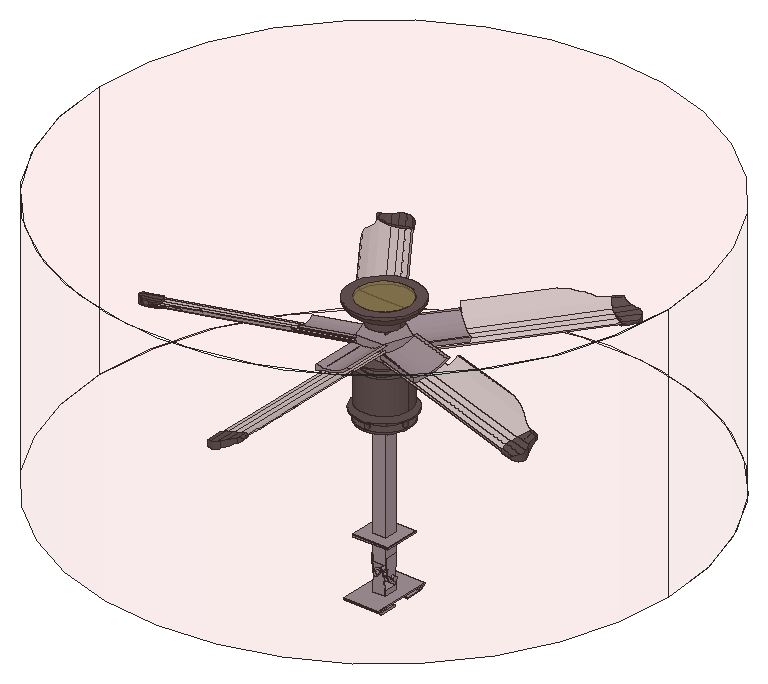
Revit family "HVAC_Mechanical-Ventilation_Envira-North_Altra-Air-Sailfin_Direct-Drive-Fan-w-Light2", category Electrical Fixtures, Revit 2022
Family settings
  Round Connector Dimension = Use Diameter
  Part Type = Normal
  OmniClass Number = 23.75.35.17.17.11
  OmniClass Title = Ceiling Fans
  Work Plane-Based = Yes
  Always vertical = No
  Cut with Voids When Loaded = No
  Maintain Annotation Orientation = No
  Shared = No
  Room Calculation Point = No
Parameters (values of type "EN670X5002 - 8FT")
  z_Standard Mount Length [instance] = if(Standard Mount Length = z_Standard Mount 4FT, 48.00", if(Standard Mount Length = z_Standard Mount 2FT, 24.00", 12.00"))  # 12.00"
  z_Standard Mount 4FT = Standard Mount : 4FT
  z_Standard Mount 2FT = Standard Mount : 2FT
  z_Standard Mount 1FT = Standard Mount : 1FT
  z_Radius = Diameter / 2  # 48.00"
  z_Extension Mount Length [instance] = if(Mount Extension, if(Extension Type = z_Extension Mount 4FT, 48.00", 24.00"), 0.00")  # 24.00"
  z_Extension Mount 4FT = Extension Mount : 4FT
  z_Extension Mount 2FT = Extension Mount : 2FT
  z_Clearence to Floor = 144.00"  # constant formula
  z_Clearence Blades = 30.00"  # constant formula
  z_Clearence Blades Diameter = Diameter + 36.00"  # 132.00"
  z_Blades Length = Blade : 08FT
  Weight = 220.00 lbf
  Wattage = 782 W  # constant formula
  Voltage = 230 V
  Version = 1
  URL = "https://www.enviranorth.com/"
  Standard Mount Type [instance] = Mount : UMH
  Standard Mount Length [instance] = Standard Mount : 1FT
  Sound Rating = 45  # constant formula
  Product data url = ""
  Product Page URL = "https://www.enviranorth.com/altra-airsailfinfans-gearless.html"
  Product Material = Envira North Systems - Metal - Black
  Power Factor = 1
  Number of Poles = 3
  Mount Extension [instance] = yes
  Model = "EN670X5002"
  Maximum Velocity = 433 FPM
  Maximum Effective Diameter = 720.00"
  Manufacturer = "Envira-North Systems"  # constant formula
  Extension Type [instance] = Extension Mount : 2FT
  Diameter = 96.00"
  Design Ventilation Air Flow = 59494 CFM
  Description = "Altra-Air Sailfin Gearless Fan"
  Default Elevation = 0.00"
  Date Updated = "17/12/2024"  # constant formula
  Date Created = "17/12/2024"  # constant formula
  Ceiling Offset [instance] = z_Standard Mount Length + z_Extension Mount Length  # 36.00"
  CFEI High Speed = 1 ft³·h/(min·Btu)
  CFEI 40% Speed = 1 ft³·h/(min·Btu)
  Blades Clearance [instance] = yes
  Alternate Voltage = 460 V
Values of the unnamed type that differ from the named types
  CFEI 40% Speed = 0.0052833 (stored number, unit not read)
Reference planes (in)
  plane 1 "Center (Front/Back)": y = 0
  plane 2: z = 0
  plane 3 "Center (Left/Right)": x = 0
  plane 4: through (0, 0, 48) normal (-0.809, 0.5878, 0)
  plane 5: through (0, 0, 48) normal (-0.809, -0.5878, 0)
  plane 6: through (0, 0, 48) normal (0.309, -0.9511, 0)
  plane 7: through (0, 0, 48) normal (0.309, 0.9511, 0)
  plane 8 "Top": z = 36
  plane 9 "Bottom": z = 61.24459
  plane 10: z = 58.25409
  plane 11: z = 48.43623
  plane 12: z = 50.57
  plane 13: z = 54.205
  plane 14: z = 36.25
  plane 15: z = 38.25
  plane 16: z = 38.5
  plane 17: z = 50.49453
  plane 18: z = 60.69608
  plane 19: z = 49.57
  plane 20: z = 49.82
  plane 21: z = 55.4375
  plane 22 "Blades Center": z = 51.77
  plane 23: z = 21.77
  plane 24: z = 81.77
  plane 25: z = 35.75
  plane 26: z = 0.26243
  plane 27: z = 12
Forms (in)
  Extrusion 1, solid, material "Envira North Systems - Metal", detail levels medium+fine
    sketch origin (0, 0, 0) x (1, 0, 0) y (0, 1, 0)
      loop
        line (0, 5.43658) -> (-5.17049, 1.67999) -> (-3.19554, -4.39828) -> (3.19554, -4.39828) -> (5.17049, 1.67999) -> (0, 5.43658)
    from 50.57 to 54.205
  Extrusion 2, solid, material "Envira North Systems - Metal - Black" <- "Product Material", detail levels fine
    sketch origin (0, 0, 0) x (1, 0, 0) y (0, 1, 0)
      loop
        circle (0, 0) r 7.89516
      loop
        circle (0, 0) r 5.80882
    from 60.69608 to 61.24459
  Extrusion 3, solid, material "Envira North Systems - Metal - Black" <- "Product Material", detail levels medium+fine
    sketch origin (0, 0, 0) x (1, 0, 0) y (0, 1, 0)
      loop
        circle (0, 0) r 6.72049
    from 38.25 to 38.5
  Revolve 4, solid, material "Envira North Systems - Metal - Black" <- "Product Material", detail levels medium+fine
    sketch origin (0, 0, 0) x (1, 0, 0) y (0, 0, 1)
      loop
        line (-4, 58.25409) -> (0, 58.25409) -> (0, 60.69608) -> (-7.89516, 60.69608)
        arc (-7.89516, 60.69608) -> (-6.29867, 58.91506) -> (-4, 58.25409) r 4.32753
      axis (0, 60.69608) -> (0, 58.25409)
    angle from 0 to 360
  Extrusion 5, solid, material "Envira North Systems - Metal - Black" <- "Product Material", detail levels medium+fine
    sketch origin (0, 0, 0) x (1, 0, 0) y (0, 0, 1)
      loop
        line (1.10774, 54.205) -> (1.10774, 55.4375) -> (-1.10146, 55.4375) -> (-1.10146, 54.205) -> (-0.99686, 54.205) -> (-0.99686, 55.3329) -> (1.00314, 55.3329) -> (1.00314, 54.205) -> (1.10774, 54.205)
    from -0.97376 to 1.03573
  Revolve 6, solid, material "Envira North Systems - Metal - Black" <- "Product Material", detail levels medium+fine
    sketch origin (0, 0, 0) x (1, 0, 0) y (0, 0, 1)
      loop
        line (-3.75, 58.25409) -> (-3.75, 56.01325) -> (-2.75277, 55.4375) -> (0, 55.4375) -> (0, 58.25409) -> (-3.75, 58.25409)
      axis (0, 58.25409) -> (0, 55.4375)
    angle from 0 to 360
  Revolve 7, solid, material "Envira North Systems - Metal - Black" <- "Product Material", detail levels medium+fine
    sketch origin (0, 0, 0) x (1, 0, 0) y (0, 0, 1)
      loop
        line (-5.71717, 39.60023) -> (-1.71717, 38.75) -> (-1.71717, 38.5) -> (0, 38.5) -> (0, 49.57) -> (-3.6662, 49.57) -> (-3.6662, 49.43623) -> (-3.78124, 49.43623) -> (-3.78124, 48.43623) -> (-4.71717, 47.5003) -> (-4.71717, 47.2503) -> (-5.71717, 47.2503) -> (-5.71717, 39.60023)
      axis (0, 38.5) -> (0, 49.57)
    angle from 0 to 360
  Extrusion 8, solid, material "Envira North Systems - Metal - Black" <- "Product Material", detail levels medium+fine
    sketch origin (0, 0, 0) x (1, 0, 0) y (0, 1, 0)
      loop
        circle (0, 0) r 5.88936
    from 36 to 36.25
  Extrusion 9, solid, material "Envira North Systems - Metal - Black" <- "Product Material", detail levels medium+fine
    sketch origin (0, 0, 0) x (1, 0, 0) y (0, 1, 0)
      loop
        circle (0, 4.90411) r 0.5
      loop
        circle (4.90411, 0) r 0.5
      loop
        circle (0, -4.90411) r 0.5
      loop
        circle (-4.90411, 0) r 0.5
    from 36.25 to 38.25
  Extrusion 10, solid, material "Envira North Systems - Metal - Black" <- "Product Material", detail levels medium+fine
    sketch origin (0, 0, 0) x (1, 0, 0) y (0, 1, 0)
      loop
        circle (0, 0) r 6.75
    from 49.57 to 49.82
  Extrusion 11, solid, material "Envira North Systems - Light", detail levels fine
    sketch origin (0, 0, 0) x (1, 0, 0) y (0, 1, 0)
      loop
        circle (0, 0) r 5.80882
    from 60.69608 to 61.24459
  Extrusion 12, solid, material "Envira North Systems - Metal - Black" <- "Product Material", detail levels coarse
    sketch origin (0, 0, 0) x (1, 0, 0) y (0, 1, 0)
      loop
        circle (0, 0) r 48
    from 50.49453 to 54.205
  Extrusion 13, solid, visible <- "Blades Clearance"
    sketch origin (0, 0, 0) x (1, 0, 0) y (0, 1, 0)
      loop
        circle (0, 0) r 66
    from 21.77 to 81.77
  Extrusion 14, solid, material "Envira North Systems - Metal - Black" <- "Product Material", detail levels coarse
    sketch origin (0, 0, 0) x (1, 0, 0) y (0, 1, 0)
      loop
        circle (0, 0) r 7.89516
    from 36 to 61.24459
Lines and regions (in)
  Masking region 1
    outline origin (0, 0, 0) x (1, 0, 0) y (0, 1, 0)
      loop
        circle (0, 0) r 48
  Masking region 2
    outline origin (0, 0, 0) x (1, 0, 0) y (0, 0, 1)
      loop
        line (-48, 54.205) -> (-48, 50.49453) -> (48, 50.49453) -> (48, 54.205) -> (-48, 54.205)
  Masking region 3, detail levels coarse
    outline origin (0, 0, 0) x (1, 0, 0) y (0, 0, 1)
      loop
        line (-5.71717, 50.49453) -> (-5.71717, 36) -> (5.71717, 36) -> (5.71717, 50.49453) -> (-5.71717, 50.49453)
  Masking region 4, detail levels coarse
    outline origin (0, 0, 0) x (1, 0, 0) y (0, 0, 1)
      loop
        line (-7.89516, 54.205) -> (7.89516, 54.205) -> (7.89516, 61.24459) -> (-7.89516, 61.24459) -> (-7.89516, 54.205)
  Masking region 5, detail levels medium+fine
    outline origin (0, 0, 0) x (1, 0, 0) y (0, 1, 0)
      loop
        arc (-46.728, -10.977) -> (-45.65071, -14.83282) -> (-44.25586, -18.58545) r 48
        line (-44.25586, -18.58545) -> (-4, -5.50553) -> (-4, -47.83304)
        arc (-4, -47.83304) -> (0, -48) -> (4, -47.83304) r 48
        line (4, -47.83304) -> (4, -5.40222) -> (44.29394, -18.49452)
        arc (44.29394, -18.49452) -> (45.68108, -14.73903) -> (46.75044, -10.88101) r 48
        line (46.75044, -10.88101) -> (6.47214, 2.10292) -> (31.35163, 36.3466)
        arc (31.35163, 36.3466) -> (28.21369, 38.83282) -> (24.87949, 41.04889) r 48
        line (24.87949, 41.04889) -> (0, 6.80521) -> (-24.87949, 41.04889)
        arc (-24.87949, 41.04889) -> (-28.21369, 38.83282) -> (-31.35163, 36.3466) r 48
        line (-31.35163, 36.3466) -> (-6.47214, 2.10292) -> (-46.728, -10.977)
  Masking region 6, detail levels medium+fine
    outline origin (0, 0, 0) x (1, 0, 0) y (0, 0, 1)
      loop
        line (-3, 0.26243) -> (-3, 0) -> (3, 0) -> (3, 0.26243) -> (1.10774, 0.26243) -> (1.10774, 35.75) -> (3, 35.75) -> (3, 36) -> (-3, 36) -> (-3, 35.75) -> (-1.10146, 35.75) -> (-1.10146, 0.26243) -> (-3, 0.26243)
  Masking region 7, detail levels medium+fine
    outline origin (0, 0, 0) x (1, 0, 0) y (0, 0, 1)
      loop
        line (-1.71717, 38.5) -> (-6.72049, 38.5) -> (-6.72049, 38.25) -> (-5.40411, 38.25) -> (-5.40411, 36.25) -> (-5.88936, 36.25) -> (-5.88936, 36) -> (5.88936, 36) -> (5.88936, 36.25) -> (5.40411, 36.25) -> (5.40411, 38.25) -> (6.72049, 38.25) -> (6.72049, 38.5) -> (1.71717, 38.5) -> (1.71717, 38.75) -> (5.71717, 39.60023) -> (5.71717, 47.2503) -> (4.71717, 47.2503) -> (4.71717, 47.5003) -> (3.78124, 48.43623) -> (3.78124, 49.43623) -> (3.6662, 49.43623) -> (3.6662, 49.57) -> (6.75, 49.57) -> (6.75, 50.49453) -> (-6.75, 50.49453) -> (-6.75, 49.57) -> (-3.6662, 49.57) -> (-3.6662, 49.43623) -> (-3.78124, 49.43623) -> (-3.78124, 48.43623) -> (-4.71717, 47.5003) -> (-4.71717, 47.2503) -> (-5.71717, 47.2503) -> (-5.71717, 39.60023) -> (-1.71717, 38.75) -> (-1.71717, 38.5)
  Masking region 8, detail levels medium+fine
    outline origin (0, 0, 0) x (1, 0, 0) y (0, 0, 1)
      loop
        line (-1.10146, 54.205) -> (1.10146, 54.205) -> (1.10146, 55.4375) -> (2.75277, 55.4375) -> (3.75, 56.01325) -> (3.75, 58.25409) -> (4, 58.25409)
        arc (4, 58.25409) -> (6.29867, 58.91506) -> (7.89516, 60.69608) r 4.32753
        line (7.89516, 60.69608) -> (7.89516, 61.24459) -> (-7.89516, 61.24459) -> (-7.89516, 60.69608)
        arc (-7.89516, 60.69608) -> (-6.29867, 58.91506) -> (-4, 58.25409) r 4.32753
        line (-4, 58.25409) -> (-3.75, 58.25409) -> (-3.75, 56.01325) -> (-2.75277, 55.4375) -> (-1.10146, 55.4375) -> (-1.10146, 54.205)
  Masking region 9, detail levels medium+fine
    outline origin (0, 0, 0) x (0, 1, 0) y (0, 0, 1)
      loop
        line (-3, 0) -> (3, 0) -> (3, 0.26243) -> (0.97376, 0.26243) -> (0.97376, 35.75) -> (3, 35.75) -> (3, 36) -> (-3, 36) -> (-3, 35.75) -> (-1.03573, 35.75) -> (-1.03573, 0.26243) -> (-3, 0.26243) -> (-3, 0)
  Masking region 10, detail levels medium+fine
    outline origin (0, 0, 0) x (0, 1, 0) y (0, 0, 1)
      loop
        line (-5.88936, 36) -> (5.88936, 36) -> (5.88936, 36.25) -> (5.40411, 36.25) -> (5.40411, 38.25) -> (6.72049, 38.25) -> (6.72049, 38.5) -> (1.72049, 38.5) -> (1.72049, 38.75) -> (5.71717, 39.60023) -> (5.71717, 47.2503) -> (4.71717, 47.2503) -> (4.71717, 47.5003) -> (3.78124, 48.43623) -> (3.78124, 49.43623) -> (3.6662, 49.43623) -> (3.6662, 49.57) -> (6.75, 49.57) -> (6.75, 50.49453) -> (-6.75, 50.49453) -> (-6.75, 49.57) -> (-3.6662, 49.57) -> (-3.6662, 49.43623) -> (-3.78124, 49.43623) -> (-3.78124, 48.43623) -> (-4.71717, 47.5003) -> (-4.71717, 47.2503) -> (-5.71717, 47.2503) -> (-5.71717, 39.60023) -> (-1.72049, 38.75) -> (-1.72049, 38.5) -> (-6.72049, 38.5) -> (-6.72049, 38.25) -> (-5.40411, 38.25) -> (-5.40411, 36.25) -> (-5.88936, 36.25) -> (-5.88936, 36)
  Masking region 11
    outline origin (0, 0, 0) x (0, 1, 0) y (0, 0, 1)
      loop
        line (48, 54.205) -> (-48, 54.205) -> (-48, 50.49453) -> (48, 50.49453) -> (48, 54.205)
  Masking region 12, detail levels medium+fine
    outline origin (0, 0, 0) x (0, 1, 0) y (0, 0, 1)
      loop
        line (0.97376, 54.205) -> (0.97376, 55.4375) -> (2.75277, 55.4375) -> (3.75, 56.01325) -> (3.75, 58.25409)
        arc (3.75, 58.25409) -> (6.19021, 58.85105) -> (7.89516, 60.69608) r 4.35676
        line (7.89516, 60.69608) -> (7.89516, 61.24459) -> (-7.89516, 61.24459) -> (-7.89516, 60.69608)
        arc (-7.89516, 60.69608) -> (-6.19021, 58.85105) -> (-3.75, 58.25409) r 4.35676
        line (-3.75, 58.25409) -> (-3.75, 56.01325) -> (-2.75277, 55.4375) -> (-0.97376, 55.4375) -> (-0.97376, 54.205) -> (0.97376, 54.205)
  Masking region 13, detail levels coarse
    outline origin (0, 0, 0) x (0, 1, 0) y (0, 0, 1)
      loop
        line (5.88936, 36) -> (5.88936, 50.49453) -> (-5.88936, 50.49453) -> (-5.88936, 36) -> (5.88936, 36)
  Masking region 14, detail levels coarse
    outline origin (0, 0, 0) x (0, 1, 0) y (0, 0, 1)
      loop
        line (7.89516, 61.24459) -> (-7.89516, 61.24459) -> (-7.89516, 54.205) -> (7.89516, 54.205) -> (7.89516, 61.24459)
  symbolic lines, style "Clearance", visible <- "Blades Clearance"
    curve 1: circle (0, 0, 0) r 66 normal (0, 0, 1)
    curve 24: line (-66, 0, 81.77) -> (66, 0, 81.77)
    curve 25: line (-66, 0, 21.77) -> (-66, 0, 81.77)
    curve 26: line (66, 0, 21.77) -> (-66, 0, 21.77)
    curve 27: line (66, 0, 81.77) -> (66, 0, 21.77)
    curve 44: line (0, 66, 81.77) -> (0, -66, 81.77)
    curve 45: line (0, 66, 21.77) -> (0, 66, 81.77)
    curve 46: line (0, -66, 21.77) -> (0, 66, 21.77)
    curve 47: line (0, -66, 81.77) -> (0, -66, 21.77)
  symbolic lines
    curve 2: circle (0, 0, 0) r 5.25 normal (0, 0, 1)
    curve 3: line (-3.71231, 3.71231, 0) -> (-4.77297, 4.77297, 0)
    curve 4: line (3.71231, 3.71231, 0) -> (4.77297, 4.77297, 0)
    curve 5: line (-3.71231, -3.71231, 0) -> (-4.77297, -4.77297, 0)
    curve 6: line (3.71231, -3.71231, 0) -> (4.77297, -4.77297, 0)
    curve 8: circle (0, 0, 0) r 6.75 normal (0, 0, 1)
  symbolic lines, detail levels coarse
    curve 7: line (0, 0, 0) -> (0, 0, 36)
    curve 9: line (-3.82585, 5.56106, 0) -> (-11.90911, 0, 0)
    curve 10: line (3.82585, -5.56106, 0) -> (11.90911, 0, 0)
  symbolic lines, detail levels fine
    curve 11: line (-3.75, 0, 58.25409) -> (3.75, 0, 58.25409)
    curve 12: line (-3.75, 0, 56.01325) -> (3.75, 0, 56.01325)
    curve 13: line (-1.10146, 0, 55.4375) -> (1.10146, 0, 55.4375)
    curve 14: line (-3.6662, 0, 49.57) -> (3.6662, 0, 49.57)
    curve 15: line (-3.6662, 0, 49.43623) -> (3.6662, 0, 49.43623)
    curve 16: line (-3.78124, 0, 48.43623) -> (3.78124, 0, 48.43623)
    curve 17: line (-4.71717, 0, 47.5003) -> (4.71717, 0, 47.5003)
    curve 18: line (-4.71717, 0, 47.2503) -> (4.71717, 0, 47.2503)
    curve 19: line (-5.71717, 0, 39.60023) -> (5.71717, 0, 39.60023)
    curve 20: line (-1.71717, 0, 38.75) -> (1.71717, 0, 38.75)
    curve 21: line (-1.71717, 0, 38.5) -> (1.71717, 0, 38.5)
    curve 22: line (-5.40411, 0, 38.25) -> (5.40411, 0, 38.25)
    curve 23: line (-5.40411, 0, 36.25) -> (5.40411, 0, 36.25)
    curve 29: line (0, 7.89516, 60.69608) -> (0, -7.89516, 60.69608)
    curve 30: line (0, 0.97376, 55.4375) -> (0, -0.97376, 55.4375)
    curve 31: line (0, 3.75, 56.01325) -> (0, -3.75, 56.01325)
    curve 32: line (0, 3.75, 58.25409) -> (0, -3.75, 58.25409)
    curve 33: line (0, 3.6662, 49.57) -> (0, -3.6662, 49.57)
    curve 34: line (0, 3.78124, 48.43623) -> (0, -3.78124, 48.43623)
    curve 35: line (0, 4.71717, 47.5003) -> (0, -4.71717, 47.5003)
    curve 36: line (0, 4.71717, 47.2503) -> (0, -4.71717, 47.2503)
    curve 37: line (0, 5.71717, 39.60023) -> (0, -5.71717, 39.60023)
    curve 38: line (0, 1.72049, 38.75) -> (0, -1.72049, 38.75)
    curve 39: line (0, 1.72049, 38.5) -> (0, -1.72049, 38.5)
    curve 40: line (0, 5.40411, 38.25) -> (0, -5.40411, 38.25)
    curve 41: line (0, -5.40411, 36.25) -> (0, 5.40411, 36.25)
    curve 42: line (0, 0.97376, 35.75) -> (0, -1.03573, 35.75)
    curve 43: line (0, 0.97376, 0.26243) -> (0, -1.03573, 0.26243)
  symbolic lines, style "ElectricalFixtures", detail levels coarse
    curve 28: line (0, 0, 0) -> (0, 0, 36)
  model lines, detail levels coarse
    curve 48: line (0, 0, 0) -> (0, 0, 36)
Dimensions and locks (in)
  locked: Extrusion 5 sketch curve to Extrusion 5 sketch curve at 0.1046
  plane 9 "Bottom" to plane 18 to plane 10 to plane 21 to plane 13 to plane 12 to plane 17 to plane 20 to plane 19 to plane 11 to plane 16 to plane 15 to plane 14 to plane 8 "Top" to plane 25 = 0.54851" locked, 2.44199" locked, 2.81659" locked, 1.2325" locked, 3.635" locked, 0.07547" locked, 0.67453" locked, 0.25" locked, 1.13377" locked, 9.93623" locked, 0.25" locked, 2.00" locked, 0.25" locked, 0.25" locked
  locked: plane 22 "Blades Center" to plane 8 "Top" at 15.77
  "z_Clearence Blades": plane 22 "Blades Center" to plane 23
  "z_Clearence Blades": plane 24 to plane 22 "Blades Center"
  "Diameter": Masking region 2 sketch curve to Masking region 2 sketch curve
  equal spacing: Masking region 2 sketch curve, plane 3 "Center (Left/Right)", Masking region 2 sketch curve
  "Diameter": Masking region 11 sketch curve to Masking region 11 sketch curve
  equal spacing: Masking region 11 sketch curve, plane 1 "Center (Front/Back)", Masking region 11 sketch curve
  "z_Clearence Blades Diameter": curve 45 to curve 47
  equal spacing: curve 45, plane 1 "Center (Front/Back)", curve 47
  "z_Extension Mount Length": plane 8 "Top" to plane 27
  "z_Standard Mount Length": plane 27 to plane 2
  "Diameter": diameter of Extrusion 12 sketch curve
  "z_Clearence Blades Diameter": diameter of Extrusion 13 sketch curve
  "Diameter": diameter of Masking region 1 sketch curve
  "z_Clearence Blades Diameter": diameter of curve 1
  locked: Masking region 5 sketch curve to Masking region 5 sketch curve (angle 71.867°)
  locked: Masking region 5 sketch curve to Masking region 5 sketch curve (angle 72.00°)  (x4)
  aligned and locked: plane 8 "Top" to Extrusion 8
  aligned and locked: Extrusion 8 to plane 14
  aligned and locked: Extrusion 3 to plane 16
  aligned and locked: plane 15 to Extrusion 3
  aligned and locked: plane 16 to Revolve 7
  aligned and locked: Extrusion 10 to plane 19
  aligned and locked: Revolve 7 to plane 19
  aligned and locked: Extrusion 10 to plane 20
  aligned and locked: Extrusion 1 to plane 12
  aligned and locked: Extrusion 1 to plane 13
  aligned and locked: Extrusion 5 to plane 21
  aligned and locked: plane 13 to Extrusion 5  (x2)
  aligned and locked: plane 10 to Revolve 6
  aligned and locked: plane 18 to Revolve 4
  aligned and locked: plane 18 to Extrusion 2
  aligned and locked: Extrusion 2 to plane 9 "Bottom"
  aligned and locked: plane 22 "Blades Center" to nested 5
  aligned and locked: plane 22 "Blades Center" to nested 2
  aligned and locked: plane 22 "Blades Center" to nested 3
  aligned and locked: plane 22 "Blades Center" to nested 4
  aligned and locked: plane 22 "Blades Center" to nested 1
  aligned and locked: Extrusion 9 to plane 15
  aligned and locked: plane 14 to Extrusion 9
  aligned and locked: plane 18 to Extrusion 11
  aligned and locked: Extrusion 11 to plane 9 "Bottom"
  aligned and locked: Extrusion 13 to plane 23
  aligned and locked: Extrusion 13 to plane 24
  aligned and locked: Extrusion 12 to plane 17
  aligned and locked: Extrusion 12 to plane 13
  aligned and locked: Extrusion 14 to plane 9 "Bottom"
  aligned and locked: plane 8 "Top" to Extrusion 14
  aligned and locked: Masking region 2 sketch curve to Extrusion 12  (x2)
  aligned and locked: Masking region 3 sketch curve to Extrusion 14
  aligned and locked: Masking region 3 sketch curve to plane 17
  aligned and locked: plane 13 to Masking region 4 sketch curve
  aligned and locked: Masking region 4 sketch curve to plane 9 "Bottom"
  aligned and locked: Masking region 5 sketch curve to Masking region 1  (x5)
  aligned and locked: Extrusion 14 to Masking region 6 sketch curve
  aligned and locked: Masking region 6 sketch curve to plane 25  (x2)
  aligned and locked: curve 24 to Extrusion 13
  aligned and locked: curve 25 to Extrusion 13
  aligned and locked: curve 26 to Extrusion 13
  aligned and locked: curve 27 to Extrusion 13
  aligned and locked: Masking region 11 sketch curve to Extrusion 12  (x2)
  aligned and locked: curve 44 to Extrusion 13
  aligned and locked: curve 46 to Extrusion 13
  aligned and locked: plane 8 "Top" to curve 7
Automatic sketch dimensions
  Extrusion 1 sketch curve to plane 7 = 0.00"
  Extrusion 1 sketch curve to plane 4 = 0.00"
  Extrusion 1 sketch curve to plane 3 "Center (Left/Right)" = 0.00"
  plane 5 to Extrusion 1 sketch curve = 0.00"
  plane 6 to Extrusion 1 sketch curve = 0.00"
  Extrusion 1 sketch curve to plane 3 "Center (Left/Right)" = 3.19554"
  Extrusion 1 sketch curve to plane 1 "Center (Front/Back)" = 1.67999"  (x2)
  Extrusion 1 sketch curve to plane 1 "Center (Front/Back)" = 5.43658"
  plane 1 "Center (Front/Back)" to Extrusion 3 sketch curve = 0.00"
  Extrusion 3 sketch curve to plane 3 "Center (Left/Right)" = 0.00"
  plane 1 "Center (Front/Back)" to Extrusion 8 sketch curve = 0.00"
  Extrusion 8 sketch curve to plane 3 "Center (Left/Right)" = 0.00"
  plane 1 "Center (Front/Back)" to Extrusion 9 sketch curve = 0.00"  (x2)
  Extrusion 9 sketch curve to plane 3 "Center (Left/Right)" = 0.00"  (x2)
  Extrusion 9 sketch curve to plane 3 "Center (Left/Right)" = 4.90411"
  plane 3 "Center (Left/Right)" to Extrusion 9 sketch curve = 4.90411"
  plane 1 "Center (Front/Back)" to Extrusion 9 sketch curve = 4.90411"
  Extrusion 9 sketch curve to plane 1 "Center (Front/Back)" = 4.90411"
  plane 1 "Center (Front/Back)" to Extrusion 10 sketch curve = 0.00"
  Extrusion 10 sketch curve to plane 3 "Center (Left/Right)" = 0.00"
  Extrusion 2 sketch curve to Extrusion 2 sketch curve = 0.00"  (x2)
  plane 1 "Center (Front/Back)" to Extrusion 2 sketch curve = 0.00"
  Extrusion 2 sketch curve to plane 3 "Center (Left/Right)" = 0.00"
  plane 1 "Center (Front/Back)" to Extrusion 11 sketch curve = 0.00"
  Extrusion 11 sketch curve to plane 3 "Center (Left/Right)" = 0.00"
  plane 1 "Center (Front/Back)" to Extrusion 14 sketch curve = 0.00"
  Extrusion 14 sketch curve to plane 3 "Center (Left/Right)" = 0.00"
  plane 1 "Center (Front/Back)" to Extrusion 12 sketch curve = 0.00"
  Extrusion 12 sketch curve to plane 3 "Center (Left/Right)" = 0.00"
  plane 1 "Center (Front/Back)" to Extrusion 13 sketch curve = 0.00"
  Extrusion 13 sketch curve to plane 3 "Center (Left/Right)" = 0.00"
  plane 1 "Center (Front/Back)" to Masking region 1 sketch curve = 0.00"
  Masking region 1 sketch curve to plane 3 "Center (Left/Right)" = 0.00"
  Revolve 4 sketch curve to plane 18 = 0.00"  (x2)
  Revolve 4 sketch curve to plane 10 = 0.00"  (x2)
  Revolve 4 sketch curve to plane 3 "Center (Left/Right)" = 0.00"  (x2)
  Revolve 4 sketch curve to plane 9 "Bottom" = 1.33703"
  Revolve 4 sketch curve to plane 3 "Center (Left/Right)" = 4.00"
  Extrusion 5 sketch curve to plane 21 = 0.00"
  Extrusion 5 sketch curve to plane 13 = 0.00"  (x2)
  Extrusion 5 sketch curve to plane 3 "Center (Left/Right)" = 1.10146"
  Extrusion 5 sketch curve to Extrusion 5 sketch curve = 0.1046"  (x2)
  plane 3 "Center (Left/Right)" to Extrusion 5 sketch curve = 1.00314"
  Revolve 6 sketch curve to plane 10 = 0.00"
  Revolve 6 sketch curve to plane 21 = 0.00"
  Revolve 6 sketch curve to plane 3 "Center (Left/Right)" = 0.00"  (x2)
  Revolve 6 sketch curve to plane 13 = 0.00"
  Revolve 6 sketch curve to Revolve 6 sketch curve = 2.75277"
  Revolve 6 sketch curve to plane 21 = 0.57575"
  Revolve 6 sketch curve to Revolve 6 sketch curve = 0.99723"
  Revolve 6 sketch curve to Revolve 6 sketch curve = 1.1365"
  Revolve 7 sketch curve to plane 11 = 0.00"
  Revolve 7 sketch curve to plane 19 = 0.00"
  Revolve 7 sketch curve to plane 16 = 0.00"
  Revolve 7 sketch curve to plane 3 "Center (Left/Right)" = 0.00"  (x2)
  Revolve 7 sketch curve to Revolve 7 sketch curve = 1.71717"
  Revolve 7 sketch curve to Revolve 7 sketch curve = 3.6662"
  Revolve 7 sketch curve to Revolve 7 sketch curve = 0.11503"
  Revolve 7 sketch curve to plane 11 = 0.93594"
  Revolve 7 sketch curve to Revolve 7 sketch curve = 0.93594"
  Revolve 7 sketch curve to plane 16 = 1.10023"
  Revolve 7 sketch curve to Revolve 7 sketch curve = 4.00"
  Revolve 7 sketch curve to Revolve 7 sketch curve = 0.25"  (x2)
  Revolve 7 sketch curve to plane 19 = 0.13377"
  Revolve 7 sketch curve to plane 14 = 0.50"
  plane 12 to Revolve 7 sketch curve = 0.54216"
  Masking region 4 sketch curve to plane 3 "Center (Left/Right)" = 7.89516"
  plane 3 "Center (Left/Right)" to Masking region 4 sketch curve = 7.89516"
  Masking region 5 sketch curve to Masking region 5 sketch curve = 6.47214"  (x2)
  Masking region 5 sketch curve to Masking region 5 sketch curve = 4.70228"  (x2)
  Masking region 5 sketch curve to plane 4 = 0.00"
  Masking region 5 sketch curve to plane 7 = 0.00"
  Masking region 5 sketch curve to plane 3 "Center (Left/Right)" = 0.00"
  plane 3 "Center (Left/Right)" to Masking region 5 sketch curve = 4.00"
  Masking region 5 sketch curve to plane 3 "Center (Left/Right)" = 4.00"
  plane 6 to Masking region 5 sketch curve = 0.00"
  Masking region 5 sketch curve to plane 1 "Center (Front/Back)" = 2.10292"  (x2)
  plane 1 "Center (Front/Back)" to Masking region 5 sketch curve = 5.40222"
  curve 1 to curve 2 = 0.00"
  curve 1 to curve 8 = 0.00"
  curve 2 to curve 8 = 0.00"  (x2)
  plane 1 "Center (Front/Back)" to curve 9 = 0.00"
  plane 1 "Center (Front/Back)" to curve 2 = 0.00"
  curve 2 to plane 3 "Center (Left/Right)" = 0.00"
  plane 1 "Center (Front/Back)" to curve 10 = 0.00"
  curve 5 to plane 3 "Center (Left/Right)" = 3.71231"
  curve 3 to plane 3 "Center (Left/Right)" = 3.71231"
  curve 9 to curve 3 = 0.11354"
  curve 5 to curve 5 = 1.06066"  (x2)
  curve 3 to curve 9 = 0.94712"
  curve 9 to curve 5 = 7.13614"
  plane 3 "Center (Left/Right)" to curve 4 = 3.71231"
  curve 6 to curve 10 = 0.11354"
  curve 4 to curve 4 = 1.06066"
  curve 10 to curve 6 = 0.94712"
  curve 6 to curve 10 = 7.13614"
  plane 1 "Center (Front/Back)" to curve 6 = 3.71231"
  curve 10 to curve 6 = 0.78809"
  Masking region 6 sketch curve to level = 0.00"
  Masking region 6 sketch curve to plane 3 "Center (Left/Right)" = 3.00"  (x2)
  plane 3 "Center (Left/Right)" to Masking region 6 sketch curve = 1.10774"
  Masking region 6 sketch curve to Masking region 6 sketch curve = 1.89226"  (x2)
  Masking region 6 sketch curve to plane 3 "Center (Left/Right)" = 1.10146"
  Masking region 6 sketch curve to plane 26 = 0.00"  (x2)
  Masking region 7 sketch curve to plane 19 = 0.00"  (x2)
  Masking region 7 sketch curve to plane 20 = 0.67453"
  Masking region 7 sketch curve to plane 15 = 0.00"  (x2)
  Masking region 7 sketch curve to plane 16 = 0.00"  (x2)
  Masking region 7 sketch curve to plane 8 "Top" = 0.00"
  Masking region 7 sketch curve to plane 14 = 0.00"  (x2)
  Masking region 7 sketch curve to plane 11 = 0.00"  (x2)
  Masking region 7 sketch curve to plane 3 "Center (Left/Right)" = 6.75"
  Masking region 7 sketch curve to plane 3 "Center (Left/Right)" = 6.72049"
  Masking region 7 sketch curve to Masking region 7 sketch curve = 0.83112"
  Masking region 7 sketch curve to plane 16 = 1.10023"  (x2)
  Masking region 7 sketch curve to Masking region 7 sketch curve = 1.00331"
  Masking region 7 sketch curve to Masking region 7 sketch curve = 0.48526"  (x2)
  Masking region 7 sketch curve to Masking region 7 sketch curve = 1.00"
  Masking region 7 sketch curve to plane 19 = 0.13377"  (x2)
  Masking region 7 sketch curve to Masking region 7 sketch curve = 0.93594"  (x2)
  Masking region 7 sketch curve to Masking region 7 sketch curve = 0.11503"  (x2)
  Masking region 7 sketch curve to plane 3 "Center (Left/Right)" = 1.71717"
  Masking region 7 sketch curve to plane 16 = 0.25"  (x2)
  plane 3 "Center (Left/Right)" to Masking region 7 sketch curve = 1.71717"
  plane 3 "Center (Left/Right)" to Masking region 7 sketch curve = 3.6662"
  Masking region 7 sketch curve to Masking region 7 sketch curve = 3.68693"
  Masking region 7 sketch curve to Masking region 7 sketch curve = 0.31307"
  Masking region 7 sketch curve to Masking region 7 sketch curve = 1.31638"
  Masking region 7 sketch curve to Masking region 7 sketch curve = 1.03283"
  Masking region 7 sketch curve to plane 11 = 1.18594"  (x2)
  Masking region 7 sketch curve to Masking region 7 sketch curve = 0.25"  (x2)
  Masking region 8 sketch curve to plane 9 "Bottom" = 0.00"
  Masking region 8 sketch curve to plane 18 = 0.00"  (x2)
  Masking region 8 sketch curve to plane 10 = 0.00"  (x2)
  Masking region 8 sketch curve to plane 21 = 0.00"  (x2)
  Masking region 8 sketch curve to plane 13 = 0.00"
  Masking region 8 sketch curve to plane 3 "Center (Left/Right)" = 4.00"
  Masking region 8 sketch curve to plane 21 = 0.57575"  (x2)
  Masking region 8 sketch curve to Masking region 8 sketch curve = 0.25"
  Masking region 8 sketch curve to Masking region 8 sketch curve = 0.99723"  (x2)
  Masking region 8 sketch curve to plane 3 "Center (Left/Right)" = 1.10146"
  plane 3 "Center (Left/Right)" to Masking region 8 sketch curve = 1.10146"
  Masking region 8 sketch curve to Masking region 8 sketch curve = 1.65131"
  Masking region 8 sketch curve to plane 9 "Bottom" = 1.33703"
  plane 3 "Center (Left/Right)" to Masking region 8 sketch curve = 4.00"
  Masking region 8 sketch curve to Masking region 8 sketch curve = 6.7937"
  Masking region 9 sketch curve to plane 26 = 0.00"  (x2)
  Masking region 9 sketch curve to plane 25 = 0.00"  (x2)
  plane 8 "Top" to Masking region 9 sketch curve = 0.00"
  Masking region 9 sketch curve to level = 0.00"
  plane 1 "Center (Front/Back)" to Masking region 9 sketch curve = 3.00"
  plane 1 "Center (Front/Back)" to Masking region 9 sketch curve = 1.03573"
  Masking region 9 sketch curve to plane 1 "Center (Front/Back)" = 0.97376"
  Masking region 9 sketch curve to Masking region 9 sketch curve = 2.02624"  (x2)
  Masking region 9 sketch curve to Masking region 9 sketch curve = 1.96427"
  Masking region 10 sketch curve to plane 17 = 0.00"
  Masking region 10 sketch curve to plane 19 = 0.00"  (x2)
  plane 16 to Masking region 10 sketch curve = 0.00"  (x2)
  plane 15 to Masking region 10 sketch curve = 0.00"  (x2)
  plane 8 "Top" to Masking region 10 sketch curve = 0.00"
  plane 14 to Masking region 10 sketch curve = 0.00"  (x2)
  Masking region 10 sketch curve to plane 11 = 0.00"  (x2)
  plane 1 "Center (Front/Back)" to Masking region 10 sketch curve = 6.75"
  plane 1 "Center (Front/Back)" to Masking region 10 sketch curve = 6.72049"
  Masking region 10 sketch curve to Masking region 10 sketch curve = 0.83112"
  Masking region 10 sketch curve to plane 11 = 1.18594"
  Masking region 10 sketch curve to Masking region 10 sketch curve = 1.03283"  (x2)
  Masking region 10 sketch curve to Masking region 10 sketch curve = 1.31638"  (x2)
  Masking region 10 sketch curve to Masking region 10 sketch curve = 1.00"  (x2)
  Masking region 10 sketch curve to Masking region 10 sketch curve = 0.93594"  (x2)
  Masking region 10 sketch curve to Masking region 10 sketch curve = 0.11503"  (x2)
  plane 1 "Center (Front/Back)" to Masking region 10 sketch curve = 1.72049"
  Masking region 10 sketch curve to plane 16 = 0.25"
  Masking region 10 sketch curve to plane 1 "Center (Front/Back)" = 1.72049"
  Masking region 10 sketch curve to plane 19 = 0.13377"
  Masking region 10 sketch curve to plane 1 "Center (Front/Back)" = 3.6662"
  Masking region 10 sketch curve to plane 11 = 0.93594"
  Masking region 10 sketch curve to Masking region 10 sketch curve = 3.68362"
  Masking region 10 sketch curve to Masking region 10 sketch curve = 0.48526"
  Masking region 10 sketch curve to Masking region 10 sketch curve = 0.25"  (x3)
  Masking region 10 sketch curve to plane 16 = 1.10023"  (x2)
  Masking region 10 sketch curve to Masking region 10 sketch curve = 0.13377"
  plane 9 "Bottom" to Masking region 12 sketch curve = 0.00"
  plane 18 to Masking region 12 sketch curve = 0.00"  (x2)
  plane 10 to Masking region 12 sketch curve = 0.00"  (x2)
  plane 21 to Masking region 12 sketch curve = 0.00"  (x2)
  plane 13 to Masking region 12 sketch curve = 0.00"
  plane 1 "Center (Front/Back)" to Masking region 12 sketch curve = 7.89516"
  Masking region 12 sketch curve to plane 9 "Bottom" = 1.36025"  (x2)
  plane 1 "Center (Front/Back)" to Masking region 12 sketch curve = 3.97878"
  Masking region 12 sketch curve to Masking region 12 sketch curve = 0.99723"  (x2)
  plane 1 "Center (Front/Back)" to Masking region 12 sketch curve = 0.97376"
  Masking region 12 sketch curve to plane 1 "Center (Front/Back)" = 0.97376"
  Masking region 12 sketch curve to Masking region 12 sketch curve = 1.779"
  Masking region 12 sketch curve to plane 1 "Center (Front/Back)" = 3.97878"
  Masking region 12 sketch curve to plane 21 = 0.57575"  (x2)
  plane 8 "Top" to Masking region 13 sketch curve = 0.00"
  Masking region 13 sketch curve to plane 17 = 0.00"
  plane 1 "Center (Front/Back)" to Masking region 13 sketch curve = 5.88936"
  Masking region 13 sketch curve to plane 1 "Center (Front/Back)" = 5.88936"
  plane 9 "Bottom" to Masking region 14 sketch curve = 0.00"
  plane 13 to Masking region 14 sketch curve = 0.00"
  plane 1 "Center (Front/Back)" to Masking region 14 sketch curve = 7.89516"
  Masking region 14 sketch curve to plane 1 "Center (Front/Back)" = 7.89516"
  plane 18 to curve 29 = 0.00"
  plane 15 to curve 40 = 0.00"
  plane 14 to curve 41 = 0.00"
  curve 34 to plane 11 = 0.00"
  plane 10 to curve 32 = 0.00"
  curve 33 to plane 19 = 0.00"
  plane 16 to curve 39 = 0.00"
  curve 43 to plane 26 = 0.00"
  curve 42 to plane 25 = 0.00"
  plane 21 to curve 30 = 0.00"
  curve 28 to plane 1 "Center (Front/Back)" = 0.00"
  curve 28 to level = 0.00"
  plane 8 "Top" to curve 28 = 0.00"
  plane 1 "Center (Front/Back)" to curve 30 = 0.97376"
  plane 1 "Center (Front/Back)" to curve 42 = 1.03573"
  plane 1 "Center (Front/Back)" to curve 43 = 1.03573"
  curve 38 to plane 16 = 0.25"
  plane 1 "Center (Front/Back)" to curve 38 = 1.72049"
  curve 39 to curve 38 = 0.00"  (x2)
  plane 1 "Center (Front/Back)" to curve 33 = 3.6662"
  curve 31 to plane 21 = 0.57575"
  curve 31 to curve 30 = 2.77624"
  curve 32 to curve 31 = 0.00"
  curve 34 to curve 33 = 0.11503"
  curve 36 to curve 34 = 0.93594"
  curve 35 to curve 36 = 0.00"
  curve 41 to curve 39 = 3.68362"
  curve 40 to curve 41 = 0.00"  (x2)
  curve 37 to curve 40 = 0.31307"
  curve 29 to curve 32 = 4.14516"
  curve 42 to plane 1 "Center (Front/Back)" = 0.97376"
  curve 30 to plane 1 "Center (Front/Back)" = 0.97376"
  curve 43 to plane 1 "Center (Front/Back)" = 0.97376"
  curve 38 to plane 1 "Center (Front/Back)" = 1.72049"
  curve 33 to plane 1 "Center (Front/Back)" = 3.6662"
  curve 32 to plane 1 "Center (Front/Back)" = 3.75"
  curve 31 to curve 32 = 0.00"
  curve 33 to curve 34 = 0.11503"
  curve 34 to curve 35 = 0.93594"
  curve 36 to curve 35 = 0.00"
  curve 39 to curve 41 = 3.68362"
  curve 40 to curve 37 = 0.31307"
  curve 32 to curve 29 = 4.14516"
  curve 37 to plane 16 = 1.10023"
  curve 36 to plane 11 = 1.18594"
  curve 36 to curve 35 = 0.25"
  Masking region 3 sketch curve to plane 3 "Center (Left/Right)" = 5.71717"
  plane 3 "Center (Left/Right)" to Masking region 3 sketch curve = 5.71717"
  curve 23 to plane 14 = 0.00"
  curve 22 to plane 15 = 0.00"
  curve 16 to plane 11 = 0.00"
  curve 11 to plane 10 = 0.00"
  curve 14 to plane 19 = 0.00"
  curve 21 to plane 16 = 0.00"
  curve 13 to plane 21 = 0.00"
  curve 48 to plane 3 "Center (Left/Right)" = 0.00"
  curve 48 to level = 0.00"
  curve 48 to plane 8 "Top" = 0.00"
  curve 19 to plane 16 = 1.10023"
  curve 19 to plane 3 "Center (Left/Right)" = 5.71717"
  curve 19 to curve 23 = 0.31307"
  curve 19 to curve 22 = 0.31307"
  curve 17 to plane 11 = 0.93594"
  curve 17 to plane 3 "Center (Left/Right)" = 4.71717"
  curve 17 to curve 18 = 0.00"  (x2)
  curve 17 to curve 16 = 0.93594"
  curve 11 to plane 3 "Center (Left/Right)" = 3.75"
  curve 12 to plane 21 = 0.57575"
  curve 11 to curve 12 = 0.00"  (x2)
  curve 16 to curve 14 = 0.11503"
  curve 14 to curve 15 = 0.00"  (x2)
  curve 21 to plane 3 "Center (Left/Right)" = 1.71717"
  curve 20 to curve 21 = 0.00"  (x2)
  curve 13 to plane 3 "Center (Left/Right)" = 1.10146"
  plane 3 "Center (Left/Right)" to curve 13 = 1.10146"
  plane 3 "Center (Left/Right)" to curve 21 = 1.71717"
  plane 3 "Center (Left/Right)" to curve 14 = 3.6662"
  plane 3 "Center (Left/Right)" to curve 11 = 3.75"
  curve 15 to curve 16 = 0.11503"
  curve 16 to curve 17 = 0.93594"
  curve 21 to curve 22 = 3.68693"
  curve 22 to curve 23 = 0.00"
  curve 22 to curve 19 = 0.31307"
  curve 21 to curve 20 = 0.25"
  curve 18 to curve 17 = 0.25"
  curve 15 to curve 14 = 0.13377"
  radius of Extrusion 3 sketch curve = 6.72049"
  radius of Extrusion 8 sketch curve = 5.88936"
  radius of Extrusion 9 sketch curve = 0.50"  (x4)
  radius of Extrusion 10 sketch curve = 6.75"
  radius of Extrusion 2 sketch curve = 7.89516"
  radius of Extrusion 2 sketch curve = 5.80882"
  radius of Extrusion 11 sketch curve = 5.80882"
  radius of Extrusion 14 sketch curve = 7.89516"
Nested families (in)
  nested 1: "Blade" at (1.10774, -4.39828, 51.77) x (1, 0, 0) z (0, -1, 0), type <- "z_Blades Length", type "08FT", detail levels medium+fine
  nested 2: "Blade" at (4.54207, -0.2541, 51.77) x (0.309, 0.9511, 0) z (0.9511, -0.309, 0), type <- "z_Blades Length", type "08FT", detail levels medium+fine
  nested 3: "Blade" at (1.53343, 4.32247, 51.77) x (-0.809, 0.5878, 0) z (0.5878, 0.809, 0), type <- "z_Blades Length", type "08FT", detail levels medium+fine
  nested 4: "Blade" at (-3.60427, 2.81792, 51.77) x (-0.809, -0.5878, 0) z (-0.5878, 0.809, 0), type <- "z_Blades Length", type "08FT", detail levels medium+fine
  nested 5: "Blade" at (-3.78153, -2.59479, 51.77) x (0.309, -0.9511, 0) z (-0.9511, -0.309, 0), type <- "z_Blades Length", type "08FT", detail levels medium+fine
  nested 6: "Extension Mount" at (0, 0, 12), type <- "Extension Type", visible <- "Mount Extension", type "2FT", detail levels medium+fine
  nested 7: "Standard Mount" at (0, 0, 0), type <- "Standard Mount Length", type "1FT", detail levels medium+fine
  nested 8: "Mount" at (0, 0, 0), type <- "Standard Mount Type", type "UMH", detail levels medium+fine
    with z_Wood Mount Height 4.23757"
Connectors (in)
  electrical at (0, 0, 36), driven by "Voltage", driven by "Wattage", driven by "Power Factor", driven by "Number of Poles"
    settings: on plane 8 "Top", index 1, voltage 230 V, apparent load 782 VA, apparent load phase1 0 VA, apparent load phase2 0 VA, apparent load phase3 0 VA, power factor 1, load classification "HVAC", number of poles 3, system type 30, power factor state 1, is connector primary yes, connector utility no, sub classification motor yes, connector description "Fan Power Supply"
Definition of nested family "Blade"
  Parameters (values of type "24FT")
    z_Blade Length = 139.60"
    Default Elevation = 48.00"
  Types (5): name | z_Blade Length
    08FT | 43.60"
    12FT | 67.60"
    16FT | 91.60"
    20FT | 115.60"
    24FT | 139.60"
  Reference planes (in)
    plane 1 "Center (Front/Back)": y = 0
    plane 2: z = 0
    plane 3 "Center (Left/Right)": x = 0
    plane 4: z = 121.21074
    plane 5: z = 135.96074
    plane 6: z = 139.6
  Forms (in)
    Extrusion 1, solid
      sketch origin (0, 0, 0) x (1, 0, 0) y (0, 1, 0)
        loop
          line (-48, 48) -> (-48, -48) -> (48, -48) -> (48, 48) -> (-48, 48)
      from 0 to -12
    Extrusion 2, solid
      sketch origin (0, 0, 0) x (1, 0, 0) y (0, 1, 0)
        loop
          arc (-1.84205, -0.23954) -> (-2.45675, -0.35317) -> (-3.07082, -0.47018) r 113.31495
          arc (-3.07082, -0.47018) -> (-3.67661, -0.63157) -> (-4.24454, -0.89704) r 3.54869
          arc (-4.24454, -0.89704) -> (-4.33055, -1.05377) -> (-4.23189, -1.20287) r 0.17294
          arc (-4.23189, -1.20287) -> (-2.75257, -1.39741) -> (-1.29329, -1.0864) r 4.40012
          arc (-1.29329, -1.0864) -> (0.33763, -0.31211) -> (1.85853, 0.66068) r 14.36149
          arc (1.85853, 0.66068) -> (3.25515, 1.77557) -> (4.55391, 3.00306) r 21.40681
          line (4.55391, 3.00306) -> (4.47365, 3.08332)
          arc (4.47365, 3.08332) -> (2.24154, 1.22238) -> (-0.43034, 0.07938) r 10.03094
          arc (-0.43034, 0.07938) -> (-1.13327, -0.09303) -> (-1.84205, -0.23954) r 19.7342
      from 0 to 135.96074
    Extrusion 3, solid, detail levels fine
      sketch origin (0, 0, 0) x (1, 0, 0) y (0, 1, 0)
        loop
          line (-4.84163, 0.74514) -> (-4.75592, -0.23453) -> (-3.82664, -0.23453) -> (-3.52125, 0.07086)
          arc (-3.52125, 0.07086) -> (-0.0534, 0.776) -> (3.00338, 2.55904) r 10.85552
          line (3.00338, 2.55904) -> (2.42635, 2.55904)
          arc (2.42635, 2.55904) -> (-0.92673, 0.90657) -> (-4.66485, 0.92191) r 8.16377
          line (-4.66485, 0.92191) -> (-4.84163, 0.74514)
      from 0 to 10.79363
    Extrusion 4, void
      sketch origin (0, 0, 0) x (1, 0, 0) y (0, 0, 1)
        loop
          arc (2.09375, 135.16985) -> (2.31655, 133.33773) -> (2.97196, 131.61242) r 7.64423
          arc (2.97196, 131.61242) -> (4.1544, 127.81092) -> (4.55391, 123.84987) r 19.83628
          line (4.55391, 123.84987) -> (4.55391, 121.21074) -> (5.75, 121.21074) -> (5.75, 135.96074) -> (2.09375, 135.96074) -> (2.09375, 135.16985)
      from -10.42364 to 12
    Extrusion 5, void
      sketch origin (0, 0, 0) x (1, 0, 0) y (0, 0, 1)
        loop
          arc (2.92635, 11.40451) -> (2.57279, 11.25806) -> (2.42635, 10.90451) r 0.5
          line (2.42635, 10.90451) -> (2.42635, 0) -> (6.22829, 0) -> (6.22829, 13.15451) -> (4.55391, 13.15451) -> (4.55391, 11.90451)
          arc (4.55391, 11.90451) -> (4.40746, 11.55095) -> (4.05391, 11.40451) r 0.5
          line (4.05391, 11.40451) -> (2.92635, 11.40451)
      from -4.24234 to 1.20287
  Cuts and joins
    Extrusion 4, Extrusion 5 cuts Extrusion 2
  Dimensions and locks (in)
    plane 4 to plane 2 = 121.21074"
    locked: plane 5 to plane 4 at 14.75
    "z_Blade Length": plane 6 to plane 2
    locked: plane 6 to plane 5 at 3.63926
    aligned and locked: plane 2 to Extrusion 1
    aligned and locked: level to Extrusion 1
    aligned and locked: Extrusion 2 to plane 2
    aligned and locked: plane 5 to Extrusion 2
    aligned and locked: Extrusion 4 sketch curve to plane 5
    aligned and locked: Extrusion 4 sketch curve to plane 4
    aligned and locked: plane 5 to nested 1
  Automatic sketch dimensions
    Extrusion 1 sketch curve to Extrusion 1 sketch curve = 96.00"  (x2)
    Extrusion 2 sketch curve to plane 3 "Center (Left/Right)" = 10.7867"
    Extrusion 2 sketch curve to plane 3 "Center (Left/Right)" = 6.62495"
    Extrusion 2 sketch curve to Extrusion 2 sketch curve = 5.30481"
    plane 1 "Center (Front/Back)" to Extrusion 2 sketch curve = 1.04663"
    Extrusion 2 sketch curve to plane 3 "Center (Left/Right)" = 4.15775"
    Extrusion 2 sketch curve to plane 3 "Center (Left/Right)" = 2.99806"
    Extrusion 2 sketch curve to plane 3 "Center (Left/Right)" = 2.92682"
    Extrusion 2 sketch curve to plane 3 "Center (Left/Right)" = 2.46374"
    plane 3 "Center (Left/Right)" to Extrusion 2 sketch curve = 4.47365"
    Extrusion 2 sketch curve to Extrusion 2 sketch curve = 0.08026"  (x2)
    plane 3 "Center (Left/Right)" to Extrusion 2 sketch curve = 18.44721"
    Extrusion 2 sketch curve to Extrusion 2 sketch curve = 2.91993"
    Extrusion 2 sketch curve to Extrusion 2 sketch curve = 107.75673"
    Extrusion 2 sketch curve to plane 1 "Center (Front/Back)" = 2.99926"
    Extrusion 2 sketch curve to plane 1 "Center (Front/Back)" = 3.00306"
    Extrusion 2 sketch curve to Extrusion 2 sketch curve = 6.77686"
    Extrusion 2 sketch curve to Extrusion 2 sketch curve = 2.47261"
    Extrusion 2 sketch curve to Extrusion 2 sketch curve = 5.68476"
    Extrusion 2 sketch curve to Extrusion 2 sketch curve = 1.2226"
    Extrusion 2 sketch curve to Extrusion 2 sketch curve = 0.08678"
    Extrusion 2 sketch curve to Extrusion 2 sketch curve = 0.00"  (x2)
    Extrusion 2 sketch curve to Extrusion 2 sketch curve = 0.07414"
    plane 1 "Center (Front/Back)" to Extrusion 2 sketch curve = 0.47018"
    plane 1 "Center (Front/Back)" to Extrusion 2 sketch curve = 0.23954"
    Extrusion 3 sketch curve to plane 1 "Center (Front/Back)" = 0.74514"
    Extrusion 3 sketch curve to plane 3 "Center (Left/Right)" = 4.84163"
    plane 1 "Center (Front/Back)" to Extrusion 3 sketch curve = 0.23453"
    Extrusion 3 sketch curve to Extrusion 3 sketch curve = 0.08571"
    Extrusion 3 sketch curve to plane 1 "Center (Front/Back)" = 0.92191"
    Extrusion 3 sketch curve to Extrusion 3 sketch curve = 0.17678"
    Extrusion 3 sketch curve to plane 3 "Center (Left/Right)" = 3.92146"
    Extrusion 3 sketch curve to Extrusion 3 sketch curve = 0.92927"
    Extrusion 3 sketch curve to plane 1 "Center (Front/Back)" = 0.07086"
    Extrusion 3 sketch curve to Extrusion 3 sketch curve = 0.30539"
    Extrusion 3 sketch curve to Extrusion 3 sketch curve = 1.15829"
    plane 3 "Center (Left/Right)" to Extrusion 3 sketch curve = 2.42635"
    Extrusion 3 sketch curve to Extrusion 3 sketch curve = 0.57703"
    Extrusion 3 sketch curve to plane 1 "Center (Front/Back)" = 2.55904"
    plane 4 to Extrusion 4 sketch curve = 2.63913"
    Extrusion 4 sketch curve to plane 3 "Center (Left/Right)" = 15.28238"
    plane 3 "Center (Left/Right)" to Extrusion 4 sketch curve = 2.09375"
    plane 3 "Center (Left/Right)" to Extrusion 4 sketch curve = 4.55391"
    Extrusion 4 sketch curve to Extrusion 4 sketch curve = 1.19609"
    Extrusion 4 sketch curve to plane 5 = 0.7909"
    Extrusion 4 sketch curve to Extrusion 4 sketch curve = 3.98798"
    Extrusion 5 sketch curve to level = 0.00"
    plane 3 "Center (Left/Right)" to Extrusion 5 sketch curve = 2.42635"
    Extrusion 5 sketch curve to Extrusion 5 sketch curve = 0.50"  (x2)
    Extrusion 5 sketch curve to Extrusion 5 sketch curve = 1.12756"
    Extrusion 5 sketch curve to Extrusion 5 sketch curve = 3.80194"
    level to Extrusion 5 sketch curve = 10.90451"
    Extrusion 5 sketch curve to Extrusion 5 sketch curve = 1.25"
  Nested families (in)
    nested 1: "Blade End" at (-1.6875, 0, 135.96074) x (-1, 0, 0) z (0, 0, 1), type "1", detail levels fine
  Definition of nested family "Blade End"
    Parameters (values of type "1")
      Product Material = none
      Default Elevation = 0.00"
    Reference planes (in)
      plane 1 "Center (Front/Back)": y = 0
      plane 2: z = 0
      plane 3 "Center (Left/Right)": x = 0
    Forms (in)
      Extrusion 1, solid, material <- "Product Material"
        sketch origin (0, 0, 0) x (1, 0, 0) y (0, 0, 1)
          loop
            arc (-3.92715, -0.5) -> (-0.53163, -1.32943) -> (2.86081, -0.48748) r 7.30979
            line (2.86081, -0.48748) -> (2.86081, 2.35977)
            arc (2.86081, 2.35977) -> (1.4211, 3.59751) -> (-0.39465, 3.04267) r 1.96811
            arc (-0.39465, 3.04267) -> (-1.68894, 2.0401) -> (-3.2109, 1.43679) r 5.83184
            arc (-3.2109, 1.43679) -> (-3.66774, 1.18227) -> (-3.92715, 0.72818) r 0.97421
            line (-3.92715, 0.72818) -> (-3.92715, -0.5)
        from -1.35152 to 1.66276
      Extrusion 2, void
        sketch origin (-0.6875, -1.5625, 0) x (-1, 0, 0) y (0, -1, 0)
          loop
            arc (-0.84015, -1.63082) -> (-0.14069, -1.77542) -> (0.553, -1.94557) r 19.4842
            arc (0.553, -1.94557) -> (1.64174, -2.30333) -> (2.68117, -2.78597) r 9.78094
            arc (2.68117, -2.78597) -> (3.17118, -2.59578) -> (3.05354, -2.08348) r 0.40173
            arc (3.05354, -2.08348) -> (1.50617, -1.09375) -> (-0.15314, -0.30598) r 14.61149
            arc (-0.15314, -0.30598) -> (-1.70237, 0.02297) -> (-3.27215, -0.1871) r 4.65012
            arc (-3.27215, -0.1871) -> (-3.53242, -0.54973) -> (-3.32266, -0.94373) r 0.42294
            arc (-3.32266, -0.94373) -> (-2.71586, -1.22748) -> (-2.06865, -1.40024) r 3.79869
            arc (-2.06865, -1.40024) -> (-1.45472, -1.51722) -> (-0.84015, -1.63082) r 113.56495
          loop
            arc (-1.20386, -3.59748) -> (-0.57884, -3.72684) -> (0.04104, -3.87894) r 17.4842
            arc (0.04104, -3.87894) -> (0.94453, -4.17841) -> (1.80469, -4.58595) r 7.78094
            arc (1.80469, -4.58595) -> (4.8844, -3.62869) -> (4.23496, -0.46971) r 2.40173
            arc (4.23496, -0.46971) -> (2.47579, 0.65549) -> (0.58935, 1.55109) r 16.61149
            arc (0.58935, 1.55109) -> (-1.65558, 2.02257) -> (-3.92715, 1.70324) r 6.65012
            arc (-3.92715, 1.70324) -> (-5.52335, -0.35785) -> (-4.32629, -2.67367) r 2.42294
            arc (-4.32629, -2.67367) -> (-3.40957, -3.10334) -> (-2.43209, -3.36701) r 5.79869
            arc (-2.43209, -3.36701) -> (-1.81829, -3.4839) -> (-1.20386, -3.59748) r 115.56495
        from -2.55777 to 4.63701
    Cuts and joins
      Extrusion 2 cuts Extrusion 1
    Lines and regions (in)
      symbolic lines
        curve 1: line (-3.91353, 0, 0) -> (2.83647, 0, 0)
    Dimensions and locks (in)
      aligned and locked: plane 2 to level
Definition of nested family "Extension Mount"
  Parameters (values of type "2FT")
    z_Mount Length = 24.00"
    Product Material = none
    Default Elevation = 48.00"
  Types (2): name | z_Mount Length
    2FT | 24.00"
    4FT | 48.00"
  Reference planes (in)
    plane 1 "Center (Front/Back)": y = 0
    plane 2: z = 0
    plane 3 "Center (Left/Right)": x = 0
    plane 4: z = 24
    plane 5: z = 23.75
  Forms (in)
    Extrusion 1, solid
      sketch origin (0, 0, 0) x (1, 0, 0) y (0, 1, 0)
        loop
          line (-48, 48) -> (-48, -48) -> (48, -48) -> (48, 48) -> (-48, 48)
      from 0 to -12
    Extrusion 2, solid, material <- "Product Material"
      sketch origin (-0.02354, 0.55749, 0) x (1, 0, 0) y (0, 1, 0)
        loop
          line (-1.49208, 0.95814) -> (-1.49208, -2.07311) -> (1.53917, -2.07311) -> (1.53917, 0.95814) -> (-1.49208, 0.95814)
      from 0.26243 to 23.75
    Extrusion 3, solid, material <- "Product Material"
      sketch origin (-0.02354, 0.03099, 0) x (1, 0, 0) y (0, 1, 0)
        loop
          line (-4, 4) -> (-4, -4) -> (4, -4) -> (4, 4) -> (-4, 4)
      from 0 to 0.26243
    Extrusion 4, solid, material <- "Product Material"
      sketch origin (-0.02354, 0.03099, 0) x (1, 0, 0) y (0, 1, 0)
        loop
          line (-4, 4) -> (-4, -4) -> (4, -4) -> (4, 4) -> (-4, 4)
      from 23.75 to 24
  Dimensions and locks (in)
    "z_Mount Length": plane 4 to plane 2
    locked: plane 4 to plane 5 at 0.25
    Extrusion 4 sketch curve to Extrusion 4 sketch curve = 8.00"
    aligned and locked: plane 2 to Extrusion 1
    aligned and locked: level to Extrusion 1
    aligned and locked: plane 5 to Extrusion 4
    aligned and locked: Extrusion 4 to plane 4
    aligned and locked: Extrusion 2 to plane 5
  Automatic sketch dimensions
    Extrusion 1 sketch curve to Extrusion 1 sketch curve = 96.00"  (x2)
    Extrusion 2 sketch curve to plane 3 "Center (Left/Right)" = 1.51562"
    plane 3 "Center (Left/Right)" to Extrusion 2 sketch curve = 1.51563"
    plane 1 "Center (Front/Back)" to Extrusion 2 sketch curve = 1.51563"
    Extrusion 3 sketch curve to plane 3 "Center (Left/Right)" = 4.02354"
    plane 3 "Center (Left/Right)" to Extrusion 3 sketch curve = 3.97646"
    plane 1 "Center (Front/Back)" to Extrusion 3 sketch curve = 3.96901"
    Extrusion 3 sketch curve to plane 1 "Center (Front/Back)" = 4.03099"
    Extrusion 4 sketch curve to plane 3 "Center (Left/Right)" = 4.02354"
    plane 3 "Center (Left/Right)" to Extrusion 4 sketch curve = 3.97646"
    plane 1 "Center (Front/Back)" to Extrusion 4 sketch curve = 3.96901"
    Extrusion 2 sketch curve to plane 1 "Center (Front/Back)" = 1.51562"
Definition of nested family "Standard Mount"
  Parameters (values of type "4FT")
    z_Mount Length = 48.00"
    Product Material = none
    Default Elevation = 48.00"
  Types (3): name | z_Mount Length
    1FT | 12.00"
    2FT | 24.00"
    4FT | 48.00"
  Reference planes (in)
    plane 1 "Center (Front/Back)": y = 0
    plane 2: z = 0
    plane 3 "Center (Left/Right)": x = 0
    plane 4: z = 48
    plane 5: z = 47.75
    plane 6: z = 6.5625
  Forms (in)
    Extrusion 1, solid
      sketch origin (0, 0, 0) x (1, 0, 0) y (0, 1, 0)
        loop
          line (-48, 48) -> (-48, -48) -> (48, -48) -> (48, 48) -> (-48, 48)
      from 0 to -12
    Extrusion 2, solid, material <- "Product Material"
      sketch origin (-0.02354, 0.03099, 0) x (1, 0, 0) y (0, 1, 0)
        loop
          line (-1.49974, 1.4923) -> (-1.49974, -1.53099) -> (1.52354, -1.53099) -> (1.52354, 1.4923) -> (-1.49974, 1.4923)
      from 6.5625 to 47.75
    Extrusion 3, solid, material <- "Product Material"
      sketch origin (-0.02354, 0.03099, 12.0625) x (1, 0, 0) y (0, 1, 0)
        loop
          line (-3.99974, 3.9923) -> (-3.99974, -4.0077) -> (4.02354, -4.0077) -> (4.02354, 3.9923) -> (-3.99974, 3.9923)
      from 35.6875 to 35.9375
  Dimensions and locks (in)
    "z_Mount Length": plane 4 to plane 2
    locked: plane 4 to plane 5 at 0.25
    locked: plane 6 to plane 2 at 6.5625
    Extrusion 2 to Extrusion 2 = 3.02329"
    Extrusion 3 to Extrusion 3 = 8.02329"
    Extrusion 3 to Extrusion 3 = 8.00"  (x2)
    aligned and locked: plane 2 to Extrusion 1
    aligned and locked: level to Extrusion 1
    aligned and locked: plane 5 to Extrusion 3
    aligned and locked: Extrusion 3 to plane 4
    aligned and locked: Extrusion 2 to plane 5
  Automatic sketch dimensions
    Extrusion 1 sketch curve to Extrusion 1 sketch curve = 96.00"  (x2)
    Extrusion 2 sketch curve to plane 3 "Center (Left/Right)" = 1.52329"
    plane 3 "Center (Left/Right)" to Extrusion 2 sketch curve = 1.50"
    plane 1 "Center (Front/Back)" to Extrusion 2 sketch curve = 1.50"
    Extrusion 2 sketch curve to plane 1 "Center (Front/Back)" = 1.52329"
    Extrusion 3 sketch curve to plane 3 "Center (Left/Right)" = 4.02329"
    plane 3 "Center (Left/Right)" to Extrusion 3 sketch curve = 4.00"
    plane 1 "Center (Front/Back)" to Extrusion 3 sketch curve = 3.97671"
    Extrusion 3 sketch curve to plane 1 "Center (Front/Back)" = 4.02329"
Definition of nested family "Mount"
  Parameters (values of type "UMH Wood")
    z_Wood Mount Height [instance] = 4.23757"
    z_Wood = yes
    Product Material = none
    Default Elevation = 48.00"
  Types (2): name | z_Wood
    UMH | no
    UMH Wood | yes
  Reference planes (in)
    plane 1 "Center (Front/Back)": y = 0
    plane 2: z = 0
    plane 3 "Center (Left/Right)": x = 0
    plane 4: z = 6.5625
    plane 5: z = -4.23757
    plane 6: z = -4.5
  Forms (in)
    Extrusion 1, solid, material <- "Product Material"
      sketch origin (-0.02354, 0.03099, 0) x (1, 0, 0) y (0, 1, 0)
        loop
          line (-3.97646, 6.84401) -> (-3.97646, -6.90599) -> (4.00026, -6.90599) -> (4.00026, 6.84401) -> (-3.97646, 6.84401)
      from 0 to 0.26243
    Extrusion 2, solid, material <- "Product Material"
      sketch origin (0, 0, 0) x (1, 0, 0) y (0, 0, 1)
        loop
          line (-1.37439, 1.75) -> (-1.37439, 0.25) -> (1.37439, 0.25) -> (1.37439, 1.75) -> (0.89439, 4.89646)
          arc (0.89439, 4.89646) -> (0, 5.58983) -> (-0.89439, 4.89646) r 0.92353
          line (-0.89439, 4.89646) -> (-1.37439, 1.75)
      from 1.5 to 1.6875
    Extrusion 3, solid, material <- "Product Material"
      sketch origin (0, 0, 0) x (1, 0, 0) y (0, 0, 1)
        loop
          line (-1.37439, 1.75) -> (-1.37439, 0.25) -> (1.37439, 0.25) -> (1.37439, 1.75) -> (0.89439, 4.89646)
          arc (0.89439, 4.89646) -> (0, 5.58983) -> (-0.89439, 4.89646) r 0.92353
          line (-0.89439, 4.89646) -> (-1.37439, 1.75)
      from -1.6875 to -1.5
